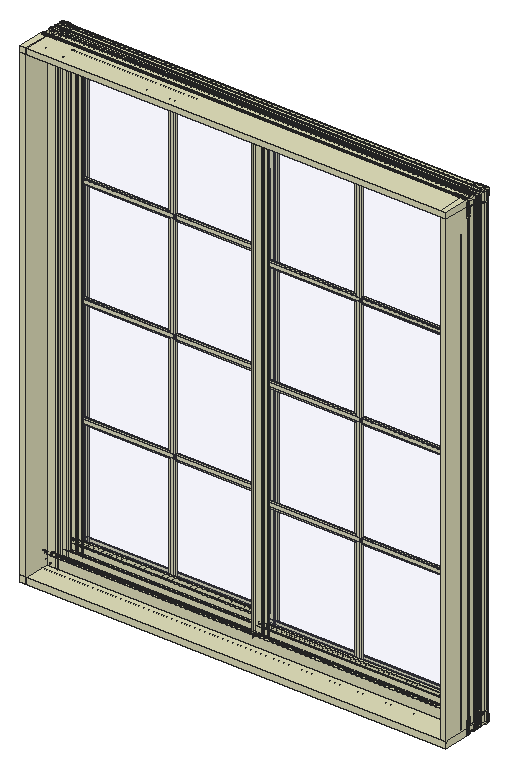
Revit family
Parameters
  Vertical Mullion 2 [instance] = and(Traditional Grille, not(Width > 5' 11 1/2"), and(Width > 5' 11 1/4"))  # no
  Vertical Mullion 1 [instance] = and(Traditional Grille, not(Width > 5' 11 1/4"), and(Width > 1' 11 1/4"))  # yes
  Unit Width = 3' - 11 1/2"
  Unit Height = 4' - 5 1/2"
  URL = "www.pella.com"
  Traditional Grille [instance] = yes
  Size Constraints = "Window Sizing constraints available in 1/4 inch (6.35 mm) increments"  # constant formula
  Set Back = 0' - 1 5/16"
  Series = "Impervia Series"  # constant formula
  Sections = ""
  Sash Width = Width - 0' 2 1/2"  # 3' - 9"
  Rough Width = Width + 0' 0 1/2"  # 4' - 0"
  Rough Height = Height + 0' 0 1/2"  # 4' - 6"
  Revisions Date = "07/29/2009"  # constant formula
  Prairie Grille [instance] = no
  OmniClass 23 = "23-30 00 00,23-30 20 00,23-30 20 14 17,23-30 20 17,23-30 20 17 14,23-30 20 17 14 14"  # constant formula
  MasterFormat 2004 = "08 00 00,08 50 00,08 52 00,08 53 13"  # constant formula
  Manufacturer = "Pella Windows & Doors"  # constant formula
  LEED = ""
  Interior Finish = Pella-Exterior Clad-Tan
  Horizontal Mullion 4 [instance] = and(Traditional Grille, not(Height > 5' 11 1/2"), and(Height > 5' 11 1/4"))  # no
  Horizontal Mullion 3 [instance] = and(Traditional Grille, not(Height > 5' 11 1/4"), and(Height > 3' 11 1/4"))  # yes
  Horizontal Mullion 2 [instance] = and(Traditional Grille, not(Height > 3' 11 1/4"), and(Height > 2' 11 1/4"))  # no
  Horizontal Mullion 1 [instance] = and(Traditional Grille, not(Height > 2' 11 1/4"), and(Height > 1' 5 1/4"))  # no
  Height = if(or(and(Unit Height < 5' 11 1/2", Unit Height > 1' 5 1/2"), or(Unit Height = 5' 11 1/2", Unit Height = 1' 5 1/2")), Unit Height, if(Unit Height < 1' 5 1/2", 1' 5 1/2", 5' 11 1/2"))  # 4' - 5 1/2"
  Head Height = Default Sill Height + Height  # 7' - 1"
  Grille Finish = Pella-Exterior Clad-Tan
  Glazing Type = Pella-Argon Filled, Low-E Insulating Glass
  Glazing = 0' - 0.71394"  # constant formula
  Exterior Finish = Pella-Exterior Clad-Tan
  Description = "Sliding Window - Vent/Fixed Unit"  # constant formula
  Default Sill Height = 2' - 7 1/2"
  Wall Closure = (empty or 0)
  Width = if(or(and(Unit Width < 5' 11 1/2", Unit Width > 1' 11 1/2"), or(Unit Width = 5' 11 1/2", Unit Width = 1' 11 1/2")), Unit Width, if(Unit Width < 1' 11 1/2", 1' 11 1/2", 5' 11 1/2"))  # 3' - 11 1/2"
  Assembly Code = "B2020100"
  Architectural Design Manual = "www.pellaadm.com"
  Architectural Data Sheet = "To be determined"
Reference planes (in)
  plane 1: y = 0
  plane 2 "Center (Left/Right)": x = 0
  plane 3 "Left": x = -23.75
  plane 4 "Right": x = 23.75
  plane 5 "Sill": z = 31.5
  plane 6 "Head": z = 85
  plane 7 "Exterior": y = 2.95276
  plane 8 "Interior": y = -2.95276
  plane 9 "Exterior Facade": y = 4.26526
  plane 10 "Set Back": y = 2.95276
  plane 11 "Left Sash": x = -22.5
  plane 12 "Right Sash": x = 22.5
  plane 13 "Interior Left": x = -21.0132
  plane 14 "Interior Right": x = 21.0132
  plane 15 "Head (Interior)": z = 83.75
  plane 16 "Sill (Interior)": z = 32.75
  plane 17 "Head-Interior": z = 82.2632
  plane 18 "Sill-Interior": z = 34.2368
  plane 19: z = 58.25
  plane 20 "Glazing Exterior - Exterior": y = 2.7192
  plane 21 "Glazing Exterior - Interior": y = 2.60109
  plane 22 "Glazing Interior - Exterior": y = 2.00526
  plane 23 "Glazing Interior - Interior": y = 2.12337
  plane 24 "2nd Glazing Head": z = 81.96131
  plane 25 "2nd Glazing Sill": z = 34.53869
  plane 26: x = 20.71131
  plane 27: x = -20.71131
  plane 28: x = 22.28129
  plane 29: x = 22.33637
  plane 30: x = 22.36729
  plane 31: x = 21.63029
  plane 32: x = 21.35029
  plane 33: x = 21.28029
  plane 34: x = 20.71766
  plane 35: x = 23.125
  plane 36: y = -0.04722
  plane 37: x = -23.125
  plane 38: y = -0.04722
  plane 39: z = 32.125
  plane 40: y = -0.04722
  plane 41: y = -0.04722
  plane 42: z = 84.375
  plane 43: z = 82.53029
  plane 44: z = 33.96971
  plane 45: x = -21.28029
  plane 46: x = 21.28029
  plane 47: x = -0.62953
  plane 48: x = 0.62953
  plane 49: x = -0.89661
  plane 50: x = 0.89661
  plane 51: x = -10.95491
  plane 52: x = 10.95491
  plane 53: y = 0.56855
  plane 54 "Glazing Interior - Exterior2": y = 0.68666
  plane 55: y = 1.16437
  plane 56 "Glazing Exterior - Exterior2": y = 1.28248
  plane 57: x = -0.42645
  plane 58: x = 0.42644
  plane 59: x = -14.3967
  plane 60: x = -7.51312
  plane 61: x = 7.51312
  plane 62: x = 14.3967
  plane 63: x = 14.7717
  plane 64: x = 14.0217
  plane 65: x = 7.88812
  plane 66: x = 7.13812
  plane 67: x = -14.7717
  plane 68: x = -14.0217
  plane 69: x = -7.88812
  plane 70: x = -7.13812
  plane 71: z = 50.2456
  plane 72: z = 66.2544
  plane 73: z = 50.6206
  plane 74: z = 49.8706
  plane 75: z = 65.8794
  plane 76: z = 66.6294
  plane 77: z = 66.6294
  plane 78: z = 65.8794
  plane 79: z = 50.6206
  plane 80: z = 49.8706
  plane 81: z = 46.2434
  plane 82: z = 58.25
  plane 83: z = 70.2566
  plane 84: z = 46.6184
  plane 85: z = 45.8684
  plane 86: z = 57.875
  plane 87: z = 58.625
  plane 88: z = 69.8816
  plane 89: z = 70.6316
  plane 90: z = 46.6184
  plane 91: z = 45.8684
  plane 92: z = 58.625
  plane 93: z = 57.875
  plane 94: z = 70.6316
  plane 95: z = 69.8816
  plane 96: z = 43.84208
  plane 97: z = 53.44736
  plane 98: z = 63.05264
  plane 99: z = 72.65792
  plane 100: z = 44.21708
  plane 101: z = 43.46708
  plane 102: z = 53.82236
  plane 103: z = 53.07236
  plane 104: z = 63.42764
  plane 105: z = 62.67764
  plane 106: z = 73.03292
  plane 107: z = 72.28292
  plane 108: z = 44.21708
  plane 109: z = 43.46708
  plane 110: z = 53.82236
  plane 111: z = 53.07236
  plane 112: z = 63.42764
  plane 113: z = 62.67764
  plane 114: z = 73.03292
  plane 115: z = 72.28292
  plane 116: x = 17.8636
  plane 117: x = 18.2386
  plane 118: x = 17.4886
  plane 119: x = -17.8636
  plane 120: x = -18.2386
  plane 121: x = -17.4886
  plane 122: z = 37.88802
  plane 123: z = 37.13802
  plane 124: z = 37.51302
  plane 125: z = 78.61198
  plane 126: z = 79.36198
  plane 127: z = 78.98698
  plane 128: z = 37.88802
  plane 129: z = 37.13802
  plane 130: z = 37.51302
  plane 131: z = 78.61198
  plane 132: z = 79.36198
  plane 133: z = 78.98698
  plane 134: x = 21.20155
  plane 135: z = 82.45155
  plane 136: x = 0.70827
  plane 137: z = 34.04845
  plane 138: x = 21.20155
  plane 139: z = 82.45155
  plane 140: x = 0.70827
  plane 141: z = 34.04845
  plane 142: x = -0.70827
  plane 143: z = 82.45155
  plane 144: x = -20.93446
  plane 145: z = 34.04845
  plane 146: x = -0.70827
  plane 147: z = 82.45155
  plane 148: x = -20.93446
  plane 149: z = 34.04845
Forms (in)
  Sweep 1, solid, material "Pella-Exterior Clad-Tan" <- "Exterior Finish"
    path origin (0, 2.95276, 0) x (1, 0, 0) y (0, 0, 1)
      loop
        line (-23.75, 31.5) -> (-23.75, 85)
    profile origin (-23.75, 2.95276, 58.25) x (-1, 0, 0) y (0, -1, 0)
      loop
        line (-0.22, 1.91998) -> (-0.22, 2.54998)
        arc (-0.22, 2.54998) -> (-0.18339, 2.63837) -> (-0.095, 2.67498) r 0.125
        arc (-0.095, 2.67498) -> (-0.06318, 2.68816) -> (-0.05, 2.71998) r 0.045
        line (-0.05, 2.71998) -> (-0.05, 2.90498)
        arc (-0.05, 2.90498) -> (-0.06318, 2.9368) -> (-0.095, 2.94998) r 0.045
        line (-0.095, 2.94998) -> (-1.688, 2.94998)
        arc (-1.688, 2.94998) -> (-1.71982, 2.9368) -> (-1.733, 2.90498) r 0.045
        line (-1.733, 2.90498) -> (-1.733, 2.82998)
        arc (-1.733, 2.82998) -> (-1.71982, 2.79816) -> (-1.688, 2.78498) r 0.045
        line (-1.688, 2.78498) -> (-1.52789, 2.78498)
        arc (-1.52789, 2.78498) -> (-1.47948, 2.76554) -> (-1.45796, 2.71802) r 0.07
        arc (-1.45796, 2.71802) -> (-1.44412, 2.68748) -> (-1.413, 2.67498) r 0.045
        line (-1.413, 2.67498) -> (-0.938, 2.67498)
        arc (-0.938, 2.67498) -> (-0.89016, 2.66547) -> (-0.84961, 2.63837) r 0.125
        arc (-0.84961, 2.63837) -> (-0.82252, 2.59782) -> (-0.813, 2.54998) r 0.125
        line (-0.813, 2.54998) -> (-0.813, 1.91998)
        arc (-0.813, 1.91998) -> (-0.79982, 1.88816) -> (-0.768, 1.87498) r 0.045
        line (-0.768, 1.87498) -> (-0.265, 1.87498)
        arc (-0.265, 1.87498) -> (-0.23318, 1.88816) -> (-0.22, 1.91998) r 0.045
      loop
        arc (-0.84961, 1.50359) -> (-0.89016, 1.4765) -> (-0.938, 1.46698) r 0.125
        line (-0.938, 1.46698) -> (-1.688, 1.46698)
        arc (-1.688, 1.46698) -> (-1.71982, 1.4538) -> (-1.733, 1.42198) r 0.045
        line (-1.733, 1.42198) -> (-1.733, 1.23198)
        arc (-1.733, 1.23198) -> (-1.71982, 1.20016) -> (-1.688, 1.18698) r 0.045
        line (-1.688, 1.18698) -> (-1.305, 1.18698)
        arc (-1.305, 1.18698) -> (-1.20318, 1.1448) -> (-1.161, 1.04298) r 0.144
        line (-1.161, 1.04298) -> (-1.161, 0.70298)
        arc (-1.161, 0.70298) -> (-1.19758, 0.62488) -> (-1.281, 0.60298) r 0.10167
        arc (-1.281, 0.60298) -> (-1.29514, 0.59712) -> (-1.301, 0.58298) r 0.02
        line (-1.301, 0.58298) -> (-1.301, 0.24498)
        arc (-1.301, 0.24498) -> (-1.2805, 0.19548) -> (-1.231, 0.17498) r 0.07
        line (-1.231, 0.17498) -> (-0.94153, 0.17498)
        arc (-0.94153, 0.17498) -> (-0.87464, 0.14847) -> (-0.84408, 0.08333) r 0.09764
        arc (-0.84408, 0.08333) -> (-0.828, 0.05928) -> (-0.80061, 0.04998) r 0.045
        line (-0.80061, 0.04998) -> (-0.095, 0.04998)
        arc (-0.095, 0.04998) -> (-0.06318, 0.06316) -> (-0.05, 0.09498) r 0.045
        line (-0.05, 0.09498) -> (-0.05, 0.27998)
        arc (-0.05, 0.27998) -> (-0.06318, 0.3118) -> (-0.095, 0.32498) r 0.045
        arc (-0.095, 0.32498) -> (-0.18339, 0.36159) -> (-0.22, 0.44998) r 0.125
        line (-0.22, 0.44998) -> (-0.22, 1.75998)
        arc (-0.22, 1.75998) -> (-0.23318, 1.7918) -> (-0.265, 1.80498) r 0.045
        line (-0.265, 1.80498) -> (-0.768, 1.80498)
        arc (-0.768, 1.80498) -> (-0.79982, 1.7918) -> (-0.813, 1.75998) r 0.045
        line (-0.813, 1.75998) -> (-0.813, 1.59198)
        arc (-0.813, 1.59198) -> (-0.82252, 1.54414) -> (-0.84961, 1.50359) r 0.125
      loop
        arc (-1.008, 1.54377) -> (-1.018, 1.56109) -> (-1.038, 1.56109) r 0.02
        line (-1.038, 1.56109) -> (-1.09816, 1.52636)
        arc (-1.09816, 1.52636) -> (-1.11505, 1.51937) -> (-1.13316, 1.51698) r 0.07
        line (-1.13316, 1.51698) -> (-1.688, 1.51698)
        arc (-1.688, 1.51698) -> (-1.75518, 1.48916) -> (-1.783, 1.42198) r 0.095
        line (-1.783, 1.42198) -> (-1.783, 1.13596)
        arc (-1.783, 1.13596) -> (-1.75497, 1.10845) -> (-1.72798, 1.13698) r 0.02752
        line (-1.72798, 1.13698) -> (-1.305, 1.13698)
        arc (-1.305, 1.13698) -> (-1.23853, 1.10945) -> (-1.211, 1.04298) r 0.094
        line (-1.211, 1.04298) -> (-1.211, 0.70298)
        arc (-1.211, 0.70298) -> (-1.23313, 0.65997) -> (-1.281, 0.65298) r 0.05286
        arc (-1.281, 0.65298) -> (-1.3305, 0.63248) -> (-1.351, 0.58298) r 0.07
        line (-1.351, 0.58298) -> (-1.351, 0.24498)
        arc (-1.351, 0.24498) -> (-1.31585, 0.16013) -> (-1.231, 0.12498) r 0.12
        line (-1.231, 0.12498) -> (-0.96185, 0.12498)
        arc (-0.96185, 0.12498) -> (-0.90983, 0.10349) -> (-0.88741, 0.05186) r 0.07499
        arc (-0.88741, 0.05186) -> (-0.86241, 0.01445) -> (-0.81979, -0.00002) r 0.07
        line (-0.81979, -0.00002) -> (-0.095, -0.00002)
        arc (-0.095, -0.00002) -> (-0.02782, 0.02781) -> (0, 0.09498) r 0.095
        line (0, 0.09498) -> (0, 0.27998)
        arc (0, 0.27998) -> (-0.02782, 0.34716) -> (-0.095, 0.37498) r 0.095
        arc (-0.095, 0.37498) -> (-0.13389, 0.39109) -> (-0.15, 0.42998) r 0.055
        line (-0.15, 0.42998) -> (-0.15, 0.8212)
        arc (-0.15, 0.8212) -> (-0.14048, 0.86904) -> (-0.11339, 0.90959) r 0.125
        line (-0.11339, 0.90959) -> (-0.03318, 0.9898)
        arc (-0.03318, 0.9898) -> (-0.02343, 1.0044) -> (-0.02, 1.02162) r 0.045
        line (-0.02, 1.02162) -> (-0.02, 1.08198)
        arc (-0.02, 1.08198) -> (-0.02892, 1.10247) -> (-0.05, 1.10991) r 0.028
        arc (-0.05, 1.10991) -> (-0.07108, 1.10247) -> (-0.08, 1.08198) r 0.028
        line (-0.08, 1.08198) -> (-0.08, 1.03498) -> (-0.13, 1.03498)
        arc (-0.13, 1.03498) -> (-0.14414, 1.04084) -> (-0.15, 1.05498) r 0.02
        line (-0.15, 1.05498) -> (-0.15, 1.51498)
        arc (-0.15, 1.51498) -> (-0.14414, 1.52912) -> (-0.13, 1.53498) r 0.02
        line (-0.13, 1.53498) -> (-0.08, 1.53498) -> (-0.08, 1.48798)
        arc (-0.08, 1.48798) -> (-0.07108, 1.46749) -> (-0.05, 1.46005) r 0.028
        arc (-0.05, 1.46005) -> (-0.02892, 1.46749) -> (-0.02, 1.48798) r 0.028
        line (-0.02, 1.48798) -> (-0.02, 1.54834)
        arc (-0.02, 1.54834) -> (-0.02343, 1.56556) -> (-0.03318, 1.58016) r 0.045
        line (-0.03318, 1.58016) -> (-0.1235, 1.67048)
        arc (-0.1235, 1.67048) -> (-0.13862, 1.68879) -> (-0.15, 1.70962) r 0.125
        arc (-0.15, 1.70962) -> (-0.13818, 1.74002) -> (-0.10892, 1.75445) r 0.045
        line (-0.10892, 1.75445) -> (-0.04108, 1.76039)
        arc (-0.04108, 1.76039) -> (-0.01182, 1.77481) -> (0, 1.80522) r 0.045
        line (0, 1.80522) -> (0, 1.87275)
        arc (0, 1.87275) -> (-0.01182, 1.90315) -> (-0.04108, 1.91757) r 0.045
        line (-0.04108, 1.91757) -> (-0.10892, 1.92351)
        arc (-0.10892, 1.92351) -> (-0.13818, 1.93794) -> (-0.15, 1.96834) r 0.045
        line (-0.15, 1.96834) -> (-0.15, 2.56998)
        arc (-0.15, 2.56998) -> (-0.13389, 2.60887) -> (-0.095, 2.62498) r 0.055
        arc (-0.095, 2.62498) -> (-0.02782, 2.65281) -> (0, 2.71998) r 0.095
        line (0, 2.71998) -> (0, 2.90498)
        arc (0, 2.90498) -> (-0.02782, 2.97216) -> (-0.095, 2.99998) r 0.095
        line (-0.095, 2.99998) -> (-1.688, 2.99998)
        arc (-1.688, 2.99998) -> (-1.75518, 2.97216) -> (-1.783, 2.90498) r 0.095
        line (-1.783, 2.90498) -> (-1.783, 2.69498)
        arc (-1.783, 2.69498) -> (-1.75702, 2.63992) -> (-1.698, 2.62498) r 0.07132
        arc (-1.698, 2.62498) -> (-1.67592, 2.63467) -> (-1.6681, 2.65748) r 0.03
        arc (-1.6681, 2.65748) -> (-1.67592, 2.68029) -> (-1.698, 2.68998) r 0.03
        arc (-1.698, 2.68998) -> (-1.7205, 2.71248) -> (-1.698, 2.73498) r 0.0225
        line (-1.698, 2.73498) -> (-1.528, 2.73498)
        arc (-1.528, 2.73498) -> (-1.5055, 2.71248) -> (-1.528, 2.68998) r 0.0225
        arc (-1.528, 2.68998) -> (-1.55008, 2.68029) -> (-1.5579, 2.65748) r 0.03
        arc (-1.5579, 2.65748) -> (-1.55008, 2.63467) -> (-1.528, 2.62498) r 0.03
        line (-1.528, 2.62498) -> (-1.13316, 2.62498)
        arc (-1.13316, 2.62498) -> (-1.11505, 2.6226) -> (-1.09816, 2.6156) r 0.07
        line (-1.09816, 2.6156) -> (-1.038, 2.58087)
        arc (-1.038, 2.58087) -> (-1.018, 2.58087) -> (-1.008, 2.59819) r 0.02
        arc (-1.008, 2.59819) -> (-1.0045, 2.61644) -> (-0.988, 2.62498) r 0.02128
        line (-0.988, 2.62498) -> (-0.95454, 2.62498)
        arc (-0.95454, 2.62498) -> (-0.90349, 2.59864) -> (-0.883, 2.54498) r 0.0805
        line (-0.883, 2.54498) -> (-0.883, 1.59698)
        arc (-0.883, 1.59698) -> (-0.90349, 1.54332) -> (-0.95454, 1.51698) r 0.0805
        line (-0.95454, 1.51698) -> (-0.988, 1.51698)
        arc (-0.988, 1.51698) -> (-1.0045, 1.52552) -> (-1.008, 1.54377) r 0.02128
  Sweep 2, solid, material "Pella-Exterior Clad-Tan" <- "Exterior Finish"
    path origin (0, 2.95276, 0) x (1, 0, 0) y (0, 0, 1)
      loop
        line (23.75, 31.5) -> (23.75, 85)
    profile origin (23.75, 2.95276, 58.25) x (-1, 0, 0) y (0, -1, 0)
      loop
        arc (0.22, 1.91998) -> (0.23318, 1.88816) -> (0.265, 1.87498) r 0.045
        line (0.265, 1.87498) -> (0.768, 1.87498)
        arc (0.768, 1.87498) -> (0.79982, 1.88816) -> (0.813, 1.91998) r 0.045
        line (0.813, 1.91998) -> (0.813, 2.54998)
        arc (0.813, 2.54998) -> (0.82252, 2.59782) -> (0.84961, 2.63837) r 0.125
        arc (0.84961, 2.63837) -> (0.89016, 2.66547) -> (0.938, 2.67498) r 0.125
        line (0.938, 2.67498) -> (1.413, 2.67498)
        arc (1.413, 2.67498) -> (1.44412, 2.68748) -> (1.45796, 2.71802) r 0.045
        arc (1.45796, 2.71802) -> (1.47948, 2.76554) -> (1.52789, 2.78498) r 0.07
        line (1.52789, 2.78498) -> (1.688, 2.78498)
        arc (1.688, 2.78498) -> (1.71982, 2.79816) -> (1.733, 2.82998) r 0.045
        line (1.733, 2.82998) -> (1.733, 2.90498)
        arc (1.733, 2.90498) -> (1.71982, 2.9368) -> (1.688, 2.94998) r 0.045
        line (1.688, 2.94998) -> (0.095, 2.94998)
        arc (0.095, 2.94998) -> (0.06318, 2.9368) -> (0.05, 2.90498) r 0.045
        line (0.05, 2.90498) -> (0.05, 2.71998)
        arc (0.05, 2.71998) -> (0.06318, 2.68816) -> (0.095, 2.67498) r 0.045
        arc (0.095, 2.67498) -> (0.18339, 2.63837) -> (0.22, 2.54998) r 0.125
        line (0.22, 2.54998) -> (0.22, 1.91998)
      loop
        arc (0.84961, 1.50359) -> (0.82252, 1.54414) -> (0.813, 1.59198) r 0.125
        line (0.813, 1.59198) -> (0.813, 1.75998)
        arc (0.813, 1.75998) -> (0.79982, 1.7918) -> (0.768, 1.80498) r 0.045
        line (0.768, 1.80498) -> (0.265, 1.80498)
        arc (0.265, 1.80498) -> (0.23318, 1.7918) -> (0.22, 1.75998) r 0.045
        line (0.22, 1.75998) -> (0.22, 0.44998)
        arc (0.22, 0.44998) -> (0.18339, 0.36159) -> (0.095, 0.32498) r 0.125
        arc (0.095, 0.32498) -> (0.06318, 0.3118) -> (0.05, 0.27998) r 0.045
        line (0.05, 0.27998) -> (0.05, 0.09498)
        arc (0.05, 0.09498) -> (0.06318, 0.06316) -> (0.095, 0.04998) r 0.045
        line (0.095, 0.04998) -> (0.80061, 0.04998)
        arc (0.80061, 0.04998) -> (0.828, 0.05928) -> (0.84408, 0.08333) r 0.045
        arc (0.84408, 0.08333) -> (0.87464, 0.14847) -> (0.94153, 0.17498) r 0.09764
        line (0.94153, 0.17498) -> (1.231, 0.17498)
        arc (1.231, 0.17498) -> (1.2805, 0.19548) -> (1.301, 0.24498) r 0.07
        line (1.301, 0.24498) -> (1.301, 0.58298)
        arc (1.301, 0.58298) -> (1.29514, 0.59712) -> (1.281, 0.60298) r 0.02
        arc (1.281, 0.60298) -> (1.19758, 0.62488) -> (1.161, 0.70298) r 0.10167
        line (1.161, 0.70298) -> (1.161, 1.04298)
        arc (1.161, 1.04298) -> (1.20318, 1.1448) -> (1.305, 1.18698) r 0.144
        line (1.305, 1.18698) -> (1.688, 1.18698)
        arc (1.688, 1.18698) -> (1.71982, 1.20016) -> (1.733, 1.23198) r 0.045
        line (1.733, 1.23198) -> (1.733, 1.42198)
        arc (1.733, 1.42198) -> (1.71982, 1.4538) -> (1.688, 1.46698) r 0.045
        line (1.688, 1.46698) -> (0.938, 1.46698)
        arc (0.938, 1.46698) -> (0.89016, 1.4765) -> (0.84961, 1.50359) r 0.125
      loop
        arc (1.008, 1.54377) -> (1.0045, 1.52552) -> (0.988, 1.51698) r 0.02128
        line (0.988, 1.51698) -> (0.95454, 1.51698)
        arc (0.95454, 1.51698) -> (0.90349, 1.54332) -> (0.883, 1.59698) r 0.0805
        line (0.883, 1.59698) -> (0.883, 2.54498)
        arc (0.883, 2.54498) -> (0.90349, 2.59864) -> (0.95454, 2.62498) r 0.0805
        line (0.95454, 2.62498) -> (0.988, 2.62498)
        arc (0.988, 2.62498) -> (1.0045, 2.61644) -> (1.008, 2.59819) r 0.02128
        arc (1.008, 2.59819) -> (1.018, 2.58087) -> (1.038, 2.58087) r 0.02
        line (1.038, 2.58087) -> (1.09816, 2.6156)
        arc (1.09816, 2.6156) -> (1.11505, 2.6226) -> (1.13316, 2.62498) r 0.07
        line (1.13316, 2.62498) -> (1.528, 2.62498)
        arc (1.528, 2.62498) -> (1.55008, 2.63467) -> (1.5579, 2.65748) r 0.03
        arc (1.5579, 2.65748) -> (1.55008, 2.68029) -> (1.528, 2.68998) r 0.03
        arc (1.528, 2.68998) -> (1.5055, 2.71248) -> (1.528, 2.73498) r 0.0225
        line (1.528, 2.73498) -> (1.698, 2.73498)
        arc (1.698, 2.73498) -> (1.7205, 2.71248) -> (1.698, 2.68998) r 0.0225
        arc (1.698, 2.68998) -> (1.67592, 2.68029) -> (1.6681, 2.65748) r 0.03
        arc (1.6681, 2.65748) -> (1.67592, 2.63467) -> (1.698, 2.62498) r 0.03
        arc (1.698, 2.62498) -> (1.75702, 2.63992) -> (1.783, 2.69498) r 0.07132
        line (1.783, 2.69498) -> (1.783, 2.90498)
        arc (1.783, 2.90498) -> (1.75518, 2.97216) -> (1.688, 2.99998) r 0.095
        line (1.688, 2.99998) -> (0.095, 2.99998)
        arc (0.095, 2.99998) -> (0.02782, 2.97216) -> (0, 2.90498) r 0.095
        line (0, 2.90498) -> (0, 2.71998)
        arc (0, 2.71998) -> (0.02782, 2.65281) -> (0.095, 2.62498) r 0.095
        arc (0.095, 2.62498) -> (0.13389, 2.60887) -> (0.15, 2.56998) r 0.055
        line (0.15, 2.56998) -> (0.15, 1.96834)
        arc (0.15, 1.96834) -> (0.13818, 1.93794) -> (0.10892, 1.92351) r 0.045
        line (0.10892, 1.92351) -> (0.04108, 1.91757)
        arc (0.04108, 1.91757) -> (0.01182, 1.90315) -> (0, 1.87275) r 0.045
        line (0, 1.87275) -> (0, 1.80522)
        arc (0, 1.80522) -> (0.01182, 1.77481) -> (0.04108, 1.76039) r 0.045
        line (0.04108, 1.76039) -> (0.10892, 1.75445)
        arc (0.10892, 1.75445) -> (0.13818, 1.74002) -> (0.15, 1.70962) r 0.045
        arc (0.15, 1.70962) -> (0.13862, 1.68879) -> (0.1235, 1.67048) r 0.125
        line (0.1235, 1.67048) -> (0.03318, 1.58016)
        arc (0.03318, 1.58016) -> (0.02343, 1.56556) -> (0.02, 1.54834) r 0.045
        line (0.02, 1.54834) -> (0.02, 1.48798)
        arc (0.02, 1.48798) -> (0.02892, 1.46749) -> (0.05, 1.46005) r 0.028
        arc (0.05, 1.46005) -> (0.07108, 1.46749) -> (0.08, 1.48798) r 0.028
        line (0.08, 1.48798) -> (0.08, 1.53498) -> (0.13, 1.53498)
        arc (0.13, 1.53498) -> (0.14414, 1.52912) -> (0.15, 1.51498) r 0.02
        line (0.15, 1.51498) -> (0.15, 1.05498)
        arc (0.15, 1.05498) -> (0.14414, 1.04084) -> (0.13, 1.03498) r 0.02
        line (0.13, 1.03498) -> (0.08, 1.03498) -> (0.08, 1.08198)
        arc (0.08, 1.08198) -> (0.07108, 1.10247) -> (0.05, 1.10991) r 0.028
        arc (0.05, 1.10991) -> (0.02892, 1.10247) -> (0.02, 1.08198) r 0.028
        line (0.02, 1.08198) -> (0.02, 1.02162)
        arc (0.02, 1.02162) -> (0.02343, 1.0044) -> (0.03318, 0.9898) r 0.045
        line (0.03318, 0.9898) -> (0.11339, 0.90959)
        arc (0.11339, 0.90959) -> (0.14048, 0.86904) -> (0.15, 0.8212) r 0.125
        line (0.15, 0.8212) -> (0.15, 0.42998)
        arc (0.15, 0.42998) -> (0.13389, 0.39109) -> (0.095, 0.37498) r 0.055
        arc (0.095, 0.37498) -> (0.02782, 0.34716) -> (0, 0.27998) r 0.095
        line (0, 0.27998) -> (0, 0.09498)
        arc (0, 0.09498) -> (0.02782, 0.02781) -> (0.095, -0.00002) r 0.095
        line (0.095, -0.00002) -> (0.81979, -0.00002)
        arc (0.81979, -0.00002) -> (0.86241, 0.01445) -> (0.88741, 0.05186) r 0.07
        arc (0.88741, 0.05186) -> (0.90983, 0.10349) -> (0.96185, 0.12498) r 0.07499
        line (0.96185, 0.12498) -> (1.231, 0.12498)
        arc (1.231, 0.12498) -> (1.31585, 0.16013) -> (1.351, 0.24498) r 0.12
        line (1.351, 0.24498) -> (1.351, 0.58298)
        arc (1.351, 0.58298) -> (1.3305, 0.63248) -> (1.281, 0.65298) r 0.07
        arc (1.281, 0.65298) -> (1.23313, 0.65997) -> (1.211, 0.70298) r 0.05286
        line (1.211, 0.70298) -> (1.211, 1.04298)
        arc (1.211, 1.04298) -> (1.23853, 1.10945) -> (1.305, 1.13698) r 0.094
        line (1.305, 1.13698) -> (1.72798, 1.13698)
        arc (1.72798, 1.13698) -> (1.75497, 1.10845) -> (1.783, 1.13596) r 0.02752
        line (1.783, 1.13596) -> (1.783, 1.42198)
        arc (1.783, 1.42198) -> (1.75518, 1.48916) -> (1.688, 1.51698) r 0.095
        line (1.688, 1.51698) -> (1.13316, 1.51698)
        arc (1.13316, 1.51698) -> (1.11505, 1.51937) -> (1.09816, 1.52636) r 0.07
        line (1.09816, 1.52636) -> (1.038, 1.56109)
        arc (1.038, 1.56109) -> (1.018, 1.56109) -> (1.008, 1.54377) r 0.02
  Sweep 3, solid, material "Pella-Exterior Clad-Tan" <- "Exterior Finish"
    path origin (0, 2.95276, 0) x (1, 0, 0) y (0, 0, 1)
      loop
        line (23.75, 85) -> (-23.75, 85)
    profile origin (0, 2.95276, 85) x (0, 0, -1) y (0, -1, 0)
      loop
        arc (0.22, 1.91998) -> (0.23318, 1.88816) -> (0.265, 1.87498) r 0.045
        line (0.265, 1.87498) -> (0.768, 1.87498)
        arc (0.768, 1.87498) -> (0.79982, 1.88816) -> (0.813, 1.91998) r 0.045
        line (0.813, 1.91998) -> (0.813, 2.54998)
        arc (0.813, 2.54998) -> (0.82252, 2.59782) -> (0.84961, 2.63837) r 0.125
        arc (0.84961, 2.63837) -> (0.89016, 2.66547) -> (0.938, 2.67498) r 0.125
        line (0.938, 2.67498) -> (1.413, 2.67498)
        arc (1.413, 2.67498) -> (1.44412, 2.68748) -> (1.45796, 2.71802) r 0.045
        arc (1.45796, 2.71802) -> (1.47948, 2.76554) -> (1.52789, 2.78498) r 0.07
        line (1.52789, 2.78498) -> (1.688, 2.78498)
        arc (1.688, 2.78498) -> (1.71982, 2.79816) -> (1.733, 2.82998) r 0.045
        line (1.733, 2.82998) -> (1.733, 2.90498)
        arc (1.733, 2.90498) -> (1.71982, 2.9368) -> (1.688, 2.94998) r 0.045
        line (1.688, 2.94998) -> (0.095, 2.94998)
        arc (0.095, 2.94998) -> (0.06318, 2.9368) -> (0.05, 2.90498) r 0.045
        line (0.05, 2.90498) -> (0.05, 2.71998)
        arc (0.05, 2.71998) -> (0.06318, 2.68816) -> (0.095, 2.67498) r 0.045
        arc (0.095, 2.67498) -> (0.18339, 2.63837) -> (0.22, 2.54998) r 0.125
        line (0.22, 2.54998) -> (0.22, 1.91998)
      loop
        arc (0.84961, 1.50359) -> (0.82252, 1.54414) -> (0.813, 1.59198) r 0.125
        line (0.813, 1.59198) -> (0.813, 1.75998)
        arc (0.813, 1.75998) -> (0.79982, 1.7918) -> (0.768, 1.80498) r 0.045
        line (0.768, 1.80498) -> (0.265, 1.80498)
        arc (0.265, 1.80498) -> (0.23318, 1.7918) -> (0.22, 1.75998) r 0.045
        line (0.22, 1.75998) -> (0.22, 0.44998)
        arc (0.22, 0.44998) -> (0.18339, 0.36159) -> (0.095, 0.32498) r 0.125
        arc (0.095, 0.32498) -> (0.06318, 0.3118) -> (0.05, 0.27998) r 0.045
        line (0.05, 0.27998) -> (0.05, 0.09498)
        arc (0.05, 0.09498) -> (0.06318, 0.06316) -> (0.095, 0.04998) r 0.045
        line (0.095, 0.04998) -> (0.80061, 0.04998)
        arc (0.80061, 0.04998) -> (0.828, 0.05928) -> (0.84408, 0.08333) r 0.045
        arc (0.84408, 0.08333) -> (0.87464, 0.14847) -> (0.94153, 0.17498) r 0.09764
        line (0.94153, 0.17498) -> (1.231, 0.17498)
        arc (1.231, 0.17498) -> (1.2805, 0.19548) -> (1.301, 0.24498) r 0.07
        line (1.301, 0.24498) -> (1.301, 0.58298)
        arc (1.301, 0.58298) -> (1.29514, 0.59712) -> (1.281, 0.60298) r 0.02
        arc (1.281, 0.60298) -> (1.19758, 0.62488) -> (1.161, 0.70298) r 0.10167
        line (1.161, 0.70298) -> (1.161, 1.04298)
        arc (1.161, 1.04298) -> (1.20318, 1.1448) -> (1.305, 1.18698) r 0.144
        line (1.305, 1.18698) -> (1.688, 1.18698)
        arc (1.688, 1.18698) -> (1.71982, 1.20016) -> (1.733, 1.23198) r 0.045
        line (1.733, 1.23198) -> (1.733, 1.42198)
        arc (1.733, 1.42198) -> (1.71982, 1.4538) -> (1.688, 1.46698) r 0.045
        line (1.688, 1.46698) -> (0.938, 1.46698)
        arc (0.938, 1.46698) -> (0.89016, 1.4765) -> (0.84961, 1.50359) r 0.125
      loop
        arc (1.008, 1.54377) -> (1.0045, 1.52552) -> (0.988, 1.51698) r 0.02128
        line (0.988, 1.51698) -> (0.95454, 1.51698)
        arc (0.95454, 1.51698) -> (0.90349, 1.54332) -> (0.883, 1.59698) r 0.0805
        line (0.883, 1.59698) -> (0.883, 2.54498)
        arc (0.883, 2.54498) -> (0.90349, 2.59864) -> (0.95454, 2.62498) r 0.0805
        line (0.95454, 2.62498) -> (0.988, 2.62498)
        arc (0.988, 2.62498) -> (1.0045, 2.61644) -> (1.008, 2.59819) r 0.02128
        arc (1.008, 2.59819) -> (1.018, 2.58087) -> (1.038, 2.58087) r 0.02
        line (1.038, 2.58087) -> (1.09816, 2.6156)
        arc (1.09816, 2.6156) -> (1.11505, 2.6226) -> (1.13316, 2.62498) r 0.07
        line (1.13316, 2.62498) -> (1.528, 2.62498)
        arc (1.528, 2.62498) -> (1.55008, 2.63467) -> (1.5579, 2.65748) r 0.03
        arc (1.5579, 2.65748) -> (1.55008, 2.68029) -> (1.528, 2.68998) r 0.03
        arc (1.528, 2.68998) -> (1.5055, 2.71248) -> (1.528, 2.73498) r 0.0225
        line (1.528, 2.73498) -> (1.698, 2.73498)
        arc (1.698, 2.73498) -> (1.7205, 2.71248) -> (1.698, 2.68998) r 0.0225
        arc (1.698, 2.68998) -> (1.67592, 2.68029) -> (1.6681, 2.65748) r 0.03
        arc (1.6681, 2.65748) -> (1.67592, 2.63467) -> (1.698, 2.62498) r 0.03
        arc (1.698, 2.62498) -> (1.75702, 2.63992) -> (1.783, 2.69498) r 0.07132
        line (1.783, 2.69498) -> (1.783, 2.90498)
        arc (1.783, 2.90498) -> (1.75518, 2.97216) -> (1.688, 2.99998) r 0.095
        line (1.688, 2.99998) -> (0.095, 2.99998)
        arc (0.095, 2.99998) -> (0.02782, 2.97216) -> (0, 2.90498) r 0.095
        line (0, 2.90498) -> (0, 2.71998)
        arc (0, 2.71998) -> (0.02782, 2.65281) -> (0.095, 2.62498) r 0.095
        arc (0.095, 2.62498) -> (0.13389, 2.60887) -> (0.15, 2.56998) r 0.055
        line (0.15, 2.56998) -> (0.15, 1.96834)
        arc (0.15, 1.96834) -> (0.13818, 1.93794) -> (0.10892, 1.92351) r 0.045
        line (0.10892, 1.92351) -> (0.04108, 1.91757)
        arc (0.04108, 1.91757) -> (0.01182, 1.90315) -> (0, 1.87275) r 0.045
        line (0, 1.87275) -> (0, 1.80522)
        arc (0, 1.80522) -> (0.01182, 1.77481) -> (0.04108, 1.76039) r 0.045
        line (0.04108, 1.76039) -> (0.10892, 1.75445)
        arc (0.10892, 1.75445) -> (0.13818, 1.74002) -> (0.15, 1.70962) r 0.045
        arc (0.15, 1.70962) -> (0.13862, 1.68879) -> (0.1235, 1.67048) r 0.125
        line (0.1235, 1.67048) -> (0.03318, 1.58016)
        arc (0.03318, 1.58016) -> (0.02343, 1.56556) -> (0.02, 1.54834) r 0.045
        line (0.02, 1.54834) -> (0.02, 1.48798)
        arc (0.02, 1.48798) -> (0.02892, 1.46749) -> (0.05, 1.46005) r 0.028
        arc (0.05, 1.46005) -> (0.07108, 1.46749) -> (0.08, 1.48798) r 0.028
        line (0.08, 1.48798) -> (0.08, 1.53498) -> (0.13, 1.53498)
        arc (0.13, 1.53498) -> (0.14414, 1.52912) -> (0.15, 1.51498) r 0.02
        line (0.15, 1.51498) -> (0.15, 1.05498)
        arc (0.15, 1.05498) -> (0.14414, 1.04084) -> (0.13, 1.03498) r 0.02
        line (0.13, 1.03498) -> (0.08, 1.03498) -> (0.08, 1.08198)
        arc (0.08, 1.08198) -> (0.07108, 1.10247) -> (0.05, 1.10991) r 0.028
        arc (0.05, 1.10991) -> (0.02892, 1.10247) -> (0.02, 1.08198) r 0.028
        line (0.02, 1.08198) -> (0.02, 1.02162)
        arc (0.02, 1.02162) -> (0.02343, 1.0044) -> (0.03318, 0.9898) r 0.045
        line (0.03318, 0.9898) -> (0.11339, 0.90959)
        arc (0.11339, 0.90959) -> (0.14048, 0.86904) -> (0.15, 0.8212) r 0.125
        line (0.15, 0.8212) -> (0.15, 0.42998)
        arc (0.15, 0.42998) -> (0.13389, 0.39109) -> (0.095, 0.37498) r 0.055
        arc (0.095, 0.37498) -> (0.02782, 0.34716) -> (0, 0.27998) r 0.095
        line (0, 0.27998) -> (0, 0.09498)
        arc (0, 0.09498) -> (0.02782, 0.02781) -> (0.095, -0.00002) r 0.095
        line (0.095, -0.00002) -> (0.81979, -0.00002)
        arc (0.81979, -0.00002) -> (0.86241, 0.01445) -> (0.88741, 0.05186) r 0.07
        arc (0.88741, 0.05186) -> (0.90983, 0.10349) -> (0.96185, 0.12498) r 0.07499
        line (0.96185, 0.12498) -> (1.231, 0.12498)
        arc (1.231, 0.12498) -> (1.31585, 0.16013) -> (1.351, 0.24498) r 0.12
        line (1.351, 0.24498) -> (1.351, 0.58298)
        arc (1.351, 0.58298) -> (1.3305, 0.63248) -> (1.281, 0.65298) r 0.07
        arc (1.281, 0.65298) -> (1.23313, 0.65997) -> (1.211, 0.70298) r 0.05286
        line (1.211, 0.70298) -> (1.211, 1.04298)
        arc (1.211, 1.04298) -> (1.23853, 1.10945) -> (1.305, 1.13698) r 0.094
        line (1.305, 1.13698) -> (1.72798, 1.13698)
        arc (1.72798, 1.13698) -> (1.75497, 1.10845) -> (1.783, 1.13596) r 0.02752
        line (1.783, 1.13596) -> (1.783, 1.42198)
        arc (1.783, 1.42198) -> (1.75518, 1.48916) -> (1.688, 1.51698) r 0.095
        line (1.688, 1.51698) -> (1.13316, 1.51698)
        arc (1.13316, 1.51698) -> (1.11505, 1.51937) -> (1.09816, 1.52636) r 0.07
        line (1.09816, 1.52636) -> (1.038, 1.56109)
        arc (1.038, 1.56109) -> (1.018, 1.56109) -> (1.008, 1.54377) r 0.02
  Sweep 4, solid, material "Pella-Exterior Clad-Tan" <- "Exterior Finish"
    path origin (0, 2.95276, 0) x (1, 0, 0) y (0, 0, 1)
      loop
        line (23.75, 31.5) -> (-23.75, 31.5)
    profile origin (0, 2.95276, 31.5) x (0, 0, -1) y (0, -1, 0)
      loop
        line (-0.22, 1.91998) -> (-0.22, 2.54998)
        arc (-0.22, 2.54998) -> (-0.18339, 2.63837) -> (-0.095, 2.67498) r 0.125
        arc (-0.095, 2.67498) -> (-0.06318, 2.68816) -> (-0.05, 2.71998) r 0.045
        line (-0.05, 2.71998) -> (-0.05, 2.90498)
        arc (-0.05, 2.90498) -> (-0.06318, 2.9368) -> (-0.095, 2.94998) r 0.045
        line (-0.095, 2.94998) -> (-1.688, 2.94998)
        arc (-1.688, 2.94998) -> (-1.71982, 2.9368) -> (-1.733, 2.90498) r 0.045
        line (-1.733, 2.90498) -> (-1.733, 2.82998)
        arc (-1.733, 2.82998) -> (-1.71982, 2.79816) -> (-1.688, 2.78498) r 0.045
        line (-1.688, 2.78498) -> (-1.52789, 2.78498)
        arc (-1.52789, 2.78498) -> (-1.47948, 2.76554) -> (-1.45796, 2.71802) r 0.07
        arc (-1.45796, 2.71802) -> (-1.44412, 2.68748) -> (-1.413, 2.67498) r 0.045
        line (-1.413, 2.67498) -> (-0.938, 2.67498)
        arc (-0.938, 2.67498) -> (-0.89016, 2.66547) -> (-0.84961, 2.63837) r 0.125
        arc (-0.84961, 2.63837) -> (-0.82252, 2.59782) -> (-0.813, 2.54998) r 0.125
        line (-0.813, 2.54998) -> (-0.813, 1.91998)
        arc (-0.813, 1.91998) -> (-0.79982, 1.88816) -> (-0.768, 1.87498) r 0.045
        line (-0.768, 1.87498) -> (-0.265, 1.87498)
        arc (-0.265, 1.87498) -> (-0.23318, 1.88816) -> (-0.22, 1.91998) r 0.045
      loop
        arc (-0.84961, 1.50359) -> (-0.89016, 1.4765) -> (-0.938, 1.46698) r 0.125
        line (-0.938, 1.46698) -> (-1.688, 1.46698)
        arc (-1.688, 1.46698) -> (-1.71982, 1.4538) -> (-1.733, 1.42198) r 0.045
        line (-1.733, 1.42198) -> (-1.733, 1.23198)
        arc (-1.733, 1.23198) -> (-1.71982, 1.20016) -> (-1.688, 1.18698) r 0.045
        line (-1.688, 1.18698) -> (-1.305, 1.18698)
        arc (-1.305, 1.18698) -> (-1.20318, 1.1448) -> (-1.161, 1.04298) r 0.144
        line (-1.161, 1.04298) -> (-1.161, 0.70298)
        arc (-1.161, 0.70298) -> (-1.19758, 0.62488) -> (-1.281, 0.60298) r 0.10167
        arc (-1.281, 0.60298) -> (-1.29514, 0.59712) -> (-1.301, 0.58298) r 0.02
        line (-1.301, 0.58298) -> (-1.301, 0.24498)
        arc (-1.301, 0.24498) -> (-1.2805, 0.19548) -> (-1.231, 0.17498) r 0.07
        line (-1.231, 0.17498) -> (-0.94153, 0.17498)
        arc (-0.94153, 0.17498) -> (-0.87464, 0.14847) -> (-0.84408, 0.08333) r 0.09764
        arc (-0.84408, 0.08333) -> (-0.828, 0.05928) -> (-0.80061, 0.04998) r 0.045
        line (-0.80061, 0.04998) -> (-0.095, 0.04998)
        arc (-0.095, 0.04998) -> (-0.06318, 0.06316) -> (-0.05, 0.09498) r 0.045
        line (-0.05, 0.09498) -> (-0.05, 0.27998)
        arc (-0.05, 0.27998) -> (-0.06318, 0.3118) -> (-0.095, 0.32498) r 0.045
        arc (-0.095, 0.32498) -> (-0.18339, 0.36159) -> (-0.22, 0.44998) r 0.125
        line (-0.22, 0.44998) -> (-0.22, 1.75998)
        arc (-0.22, 1.75998) -> (-0.23318, 1.7918) -> (-0.265, 1.80498) r 0.045
        line (-0.265, 1.80498) -> (-0.768, 1.80498)
        arc (-0.768, 1.80498) -> (-0.79982, 1.7918) -> (-0.813, 1.75998) r 0.045
        line (-0.813, 1.75998) -> (-0.813, 1.59198)
        arc (-0.813, 1.59198) -> (-0.82252, 1.54414) -> (-0.84961, 1.50359) r 0.125
      loop
        arc (-1.008, 1.54377) -> (-1.018, 1.56109) -> (-1.038, 1.56109) r 0.02
        line (-1.038, 1.56109) -> (-1.09816, 1.52636)
        arc (-1.09816, 1.52636) -> (-1.11505, 1.51937) -> (-1.13316, 1.51698) r 0.07
        line (-1.13316, 1.51698) -> (-1.688, 1.51698)
        arc (-1.688, 1.51698) -> (-1.75518, 1.48916) -> (-1.783, 1.42198) r 0.095
        line (-1.783, 1.42198) -> (-1.783, 1.13596)
        arc (-1.783, 1.13596) -> (-1.75497, 1.10845) -> (-1.72798, 1.13698) r 0.02752
        line (-1.72798, 1.13698) -> (-1.305, 1.13698)
        arc (-1.305, 1.13698) -> (-1.23853, 1.10945) -> (-1.211, 1.04298) r 0.094
        line (-1.211, 1.04298) -> (-1.211, 0.70298)
        arc (-1.211, 0.70298) -> (-1.23313, 0.65997) -> (-1.281, 0.65298) r 0.05286
        arc (-1.281, 0.65298) -> (-1.3305, 0.63248) -> (-1.351, 0.58298) r 0.07
        line (-1.351, 0.58298) -> (-1.351, 0.24498)
        arc (-1.351, 0.24498) -> (-1.31585, 0.16013) -> (-1.231, 0.12498) r 0.12
        line (-1.231, 0.12498) -> (-0.96185, 0.12498)
        arc (-0.96185, 0.12498) -> (-0.90983, 0.10349) -> (-0.88741, 0.05186) r 0.07499
        arc (-0.88741, 0.05186) -> (-0.86241, 0.01445) -> (-0.81979, -0.00002) r 0.07
        line (-0.81979, -0.00002) -> (-0.095, -0.00002)
        arc (-0.095, -0.00002) -> (-0.02782, 0.02781) -> (0, 0.09498) r 0.095
        line (0, 0.09498) -> (0, 0.27998)
        arc (0, 0.27998) -> (-0.02782, 0.34716) -> (-0.095, 0.37498) r 0.095
        arc (-0.095, 0.37498) -> (-0.13389, 0.39109) -> (-0.15, 0.42998) r 0.055
        line (-0.15, 0.42998) -> (-0.15, 0.8212)
        arc (-0.15, 0.8212) -> (-0.14048, 0.86904) -> (-0.11339, 0.90959) r 0.125
        line (-0.11339, 0.90959) -> (-0.03318, 0.9898)
        arc (-0.03318, 0.9898) -> (-0.02343, 1.0044) -> (-0.02, 1.02162) r 0.045
        line (-0.02, 1.02162) -> (-0.02, 1.08198)
        arc (-0.02, 1.08198) -> (-0.02892, 1.10247) -> (-0.05, 1.10991) r 0.028
        arc (-0.05, 1.10991) -> (-0.07108, 1.10247) -> (-0.08, 1.08198) r 0.028
        line (-0.08, 1.08198) -> (-0.08, 1.03498) -> (-0.13, 1.03498)
        arc (-0.13, 1.03498) -> (-0.14414, 1.04084) -> (-0.15, 1.05498) r 0.02
        line (-0.15, 1.05498) -> (-0.15, 1.51498)
        arc (-0.15, 1.51498) -> (-0.14414, 1.52912) -> (-0.13, 1.53498) r 0.02
        line (-0.13, 1.53498) -> (-0.08, 1.53498) -> (-0.08, 1.48798)
        arc (-0.08, 1.48798) -> (-0.07108, 1.46749) -> (-0.05, 1.46005) r 0.028
        arc (-0.05, 1.46005) -> (-0.02892, 1.46749) -> (-0.02, 1.48798) r 0.028
        line (-0.02, 1.48798) -> (-0.02, 1.54834)
        arc (-0.02, 1.54834) -> (-0.02343, 1.56556) -> (-0.03318, 1.58016) r 0.045
        line (-0.03318, 1.58016) -> (-0.1235, 1.67048)
        arc (-0.1235, 1.67048) -> (-0.13862, 1.68879) -> (-0.15, 1.70962) r 0.125
        arc (-0.15, 1.70962) -> (-0.13818, 1.74002) -> (-0.10892, 1.75445) r 0.045
        line (-0.10892, 1.75445) -> (-0.04108, 1.76039)
        arc (-0.04108, 1.76039) -> (-0.01182, 1.77481) -> (0, 1.80522) r 0.045
        line (0, 1.80522) -> (0, 1.87275)
        arc (0, 1.87275) -> (-0.01182, 1.90315) -> (-0.04108, 1.91757) r 0.045
        line (-0.04108, 1.91757) -> (-0.10892, 1.92351)
        arc (-0.10892, 1.92351) -> (-0.13818, 1.93794) -> (-0.15, 1.96834) r 0.045
        line (-0.15, 1.96834) -> (-0.15, 2.56998)
        arc (-0.15, 2.56998) -> (-0.13389, 2.60887) -> (-0.095, 2.62498) r 0.055
        arc (-0.095, 2.62498) -> (-0.02782, 2.65281) -> (0, 2.71998) r 0.095
        line (0, 2.71998) -> (0, 2.90498)
        arc (0, 2.90498) -> (-0.02782, 2.97216) -> (-0.095, 2.99998) r 0.095
        line (-0.095, 2.99998) -> (-1.688, 2.99998)
        arc (-1.688, 2.99998) -> (-1.75518, 2.97216) -> (-1.783, 2.90498) r 0.095
        line (-1.783, 2.90498) -> (-1.783, 2.69498)
        arc (-1.783, 2.69498) -> (-1.75702, 2.63992) -> (-1.698, 2.62498) r 0.07132
        arc (-1.698, 2.62498) -> (-1.67592, 2.63467) -> (-1.6681, 2.65748) r 0.03
        arc (-1.6681, 2.65748) -> (-1.67592, 2.68029) -> (-1.698, 2.68998) r 0.03
        arc (-1.698, 2.68998) -> (-1.7205, 2.71248) -> (-1.698, 2.73498) r 0.0225
        line (-1.698, 2.73498) -> (-1.528, 2.73498)
        arc (-1.528, 2.73498) -> (-1.5055, 2.71248) -> (-1.528, 2.68998) r 0.0225
        arc (-1.528, 2.68998) -> (-1.55008, 2.68029) -> (-1.5579, 2.65748) r 0.03
        arc (-1.5579, 2.65748) -> (-1.55008, 2.63467) -> (-1.528, 2.62498) r 0.03
        line (-1.528, 2.62498) -> (-1.13316, 2.62498)
        arc (-1.13316, 2.62498) -> (-1.11505, 2.6226) -> (-1.09816, 2.6156) r 0.07
        line (-1.09816, 2.6156) -> (-1.038, 2.58087)
        arc (-1.038, 2.58087) -> (-1.018, 2.58087) -> (-1.008, 2.59819) r 0.02
        arc (-1.008, 2.59819) -> (-1.0045, 2.61644) -> (-0.988, 2.62498) r 0.02128
        line (-0.988, 2.62498) -> (-0.95454, 2.62498)
        arc (-0.95454, 2.62498) -> (-0.90349, 2.59864) -> (-0.883, 2.54498) r 0.0805
        line (-0.883, 2.54498) -> (-0.883, 1.59698)
        arc (-0.883, 1.59698) -> (-0.90349, 1.54332) -> (-0.95454, 1.51698) r 0.0805
        line (-0.95454, 1.51698) -> (-0.988, 1.51698)
        arc (-0.988, 1.51698) -> (-1.0045, 1.52552) -> (-1.008, 1.54377) r 0.02128
  Sweep 5, solid, material "Pella-Exterior Clad-Tan" <- "Exterior Finish"
    path origin (0, 2.95276, 0) x (1, 0, 0) y (0, 0, 1)
      loop
        line (0.42644, 32.75) -> (-22.5, 32.75)
    profile origin (-11.03678, 2.95276, 32.75) x (0, 0, -1) y (0, -1, 0)
      loop
        arc (-1.24171, 1.07602) -> (-1.26649, 1.06364) -> (-1.29385, 1.05938) r 0.09
        line (-1.29385, 1.05938) -> (-1.70271, 1.05938)
        arc (-1.70271, 1.05938) -> (-1.75928, 1.03595) -> (-1.78271, 0.97938) r 0.08
        arc (-1.78271, 0.97938) -> (-1.77833, 0.96142) -> (-1.76617, 0.94749) r 0.03901
        line (-1.76617, 0.94749) -> (-1.73271, 0.94749)
        arc (-1.73271, 0.94749) -> (-1.71857, 0.95335) -> (-1.71271, 0.96749) r 0.02
        arc (-1.71271, 0.96749) -> (-1.7063, 0.98297) -> (-1.69082, 0.98938) r 0.02189
        line (-1.69082, 0.98938) -> (-1.26471, 0.98938)
        arc (-1.26471, 0.98938) -> (-1.23289, 0.9762) -> (-1.21971, 0.94438) r 0.045
        line (-1.21971, 0.94438) -> (-1.21971, 0.42852)
        arc (-1.21971, 0.42852) -> (-1.20132, 0.38123) -> (-1.15581, 0.35879) r 0.07
        line (-1.15581, 0.35879) -> (-0.9588, 0.34155)
        arc (-0.9588, 0.34155) -> (-0.92457, 0.29847) -> (-0.9588, 0.25539) r 0.04423
        line (-0.9588, 0.25539) -> (-1.11174, 0.23259)
        arc (-1.11174, 0.23259) -> (-1.14694, 0.2356) -> (-1.16551, 0.20554) r 0.03372
        arc (-1.16551, 0.20554) -> (-1.15221, 0.17345) -> (-1.12012, 0.16015) r 0.04539
        line (-1.12012, 0.16015) -> (-0.26375, 0.16015)
        arc (-0.26375, 0.16015) -> (-0.19295, 0.18948) -> (-0.16363, 0.26028) r 0.10012
        line (-0.16363, 0.26028) -> (-0.16363, 0.99538) -> (-0.13271, 1.0263) -> (-0.13271, 1.08838)
        arc (-0.13271, 1.08838) -> (-0.13857, 1.10252) -> (-0.15271, 1.10838) r 0.02
        line (-0.15271, 1.10838) -> (-1.14033, 1.10838)
        arc (-1.14033, 1.10838) -> (-1.19354, 1.10009) -> (-1.24171, 1.07602) r 0.175
      loop
        arc (-0.8973, 0.36369) -> (-0.87685, 0.33081) -> (-0.86971, 0.29275) r 0.105
        line (-0.86971, 0.29275) -> (-0.86971, 0.26038)
        arc (-0.86971, 0.26038) -> (-0.85653, 0.22856) -> (-0.82471, 0.21538) r 0.045
        line (-0.82471, 0.21538) -> (-0.26371, 0.21538)
        arc (-0.26371, 0.21538) -> (-0.23189, 0.22856) -> (-0.21871, 0.26038) r 0.045
        line (-0.21871, 0.26038) -> (-0.21871, 1.00838)
        arc (-0.21871, 1.00838) -> (-0.23189, 1.0402) -> (-0.26371, 1.05338) r 0.045
        line (-0.26371, 1.05338) -> (-1.10471, 1.05338)
        arc (-1.10471, 1.05338) -> (-1.13653, 1.0402) -> (-1.14971, 1.00838) r 0.045
        line (-1.14971, 1.00838) -> (-1.14971, 0.4547)
        arc (-1.14971, 0.4547) -> (-1.13789, 0.4243) -> (-1.10863, 0.40987) r 0.045
        line (-1.10863, 0.40987) -> (-0.96556, 0.39736)
        arc (-0.96556, 0.39736) -> (-0.92827, 0.38693) -> (-0.8973, 0.36369) r 0.105
  Sweep 6, solid, material "Pella-Exterior Clad-Tan" <- "Exterior Finish"
    path origin (0, 2.95276, 0) x (1, 0, 0) y (0, 0, 1)
      loop
        line (0.42644, 83.75) -> (-22.5, 83.75)
    profile origin (-11.03678, 2.95276, 83.75) x (0, 0, -1) y (0, -1, 0)
      loop
        arc (1.24171, 1.07602) -> (1.19354, 1.10009) -> (1.14033, 1.10838) r 0.175
        line (1.14033, 1.10838) -> (0.15271, 1.10838)
        arc (0.15271, 1.10838) -> (0.13857, 1.10252) -> (0.13271, 1.08838) r 0.02
        line (0.13271, 1.08838) -> (0.13271, 1.0263) -> (0.16363, 0.99538) -> (0.16363, 0.26028)
        arc (0.16363, 0.26028) -> (0.19295, 0.18948) -> (0.26375, 0.16015) r 0.10012
        line (0.26375, 0.16015) -> (1.12012, 0.16015)
        arc (1.12012, 0.16015) -> (1.15221, 0.17345) -> (1.16551, 0.20554) r 0.04539
        arc (1.16551, 0.20554) -> (1.14694, 0.2356) -> (1.11174, 0.23259) r 0.03372
        line (1.11174, 0.23259) -> (0.9588, 0.25539)
        arc (0.9588, 0.25539) -> (0.92457, 0.29847) -> (0.9588, 0.34155) r 0.04423
        line (0.9588, 0.34155) -> (1.15581, 0.35879)
        arc (1.15581, 0.35879) -> (1.20132, 0.38123) -> (1.21971, 0.42852) r 0.07
        line (1.21971, 0.42852) -> (1.21971, 0.94438)
        arc (1.21971, 0.94438) -> (1.23289, 0.9762) -> (1.26471, 0.98938) r 0.045
        line (1.26471, 0.98938) -> (1.69082, 0.98938)
        arc (1.69082, 0.98938) -> (1.7063, 0.98297) -> (1.71271, 0.96749) r 0.02189
        arc (1.71271, 0.96749) -> (1.71857, 0.95335) -> (1.73271, 0.94749) r 0.02
        line (1.73271, 0.94749) -> (1.76617, 0.94749)
        arc (1.76617, 0.94749) -> (1.77833, 0.96142) -> (1.78271, 0.97938) r 0.03901
        arc (1.78271, 0.97938) -> (1.75928, 1.03595) -> (1.70271, 1.05938) r 0.08
        line (1.70271, 1.05938) -> (1.29385, 1.05938)
        arc (1.29385, 1.05938) -> (1.26649, 1.06364) -> (1.24171, 1.07602) r 0.09
      loop
        arc (0.8973, 0.36369) -> (0.92827, 0.38693) -> (0.96556, 0.39736) r 0.105
        line (0.96556, 0.39736) -> (1.10863, 0.40987)
        arc (1.10863, 0.40987) -> (1.13789, 0.4243) -> (1.14971, 0.4547) r 0.045
        line (1.14971, 0.4547) -> (1.14971, 1.00838)
        arc (1.14971, 1.00838) -> (1.13653, 1.0402) -> (1.10471, 1.05338) r 0.045
        line (1.10471, 1.05338) -> (0.26371, 1.05338)
        arc (0.26371, 1.05338) -> (0.23189, 1.0402) -> (0.21871, 1.00838) r 0.045
        line (0.21871, 1.00838) -> (0.21871, 0.26038)
        arc (0.21871, 0.26038) -> (0.23189, 0.22856) -> (0.26371, 0.21538) r 0.045
        line (0.26371, 0.21538) -> (0.82471, 0.21538)
        arc (0.82471, 0.21538) -> (0.85653, 0.22856) -> (0.86971, 0.26038) r 0.045
        line (0.86971, 0.26038) -> (0.86971, 0.29275)
        arc (0.86971, 0.29275) -> (0.87685, 0.33081) -> (0.8973, 0.36369) r 0.105
  Sweep 7, solid, material "Pella-Exterior Clad-Tan" <- "Exterior Finish"
    path origin (0, 2.95276, 0) x (1, 0, 0) y (0, 0, 1)
      loop
        line (22.5, 83.75) -> (22.5, 32.75)
    profile origin (22.5, 2.95276, 58.25) x (0, -1, 0) y (1, 0, 0)
      loop
        arc (2.51274, -1.24171) -> (2.53681, -1.19354) -> (2.54509, -1.14033) r 0.175
        line (2.54509, -1.14033) -> (2.54509, -0.15271)
        arc (2.54509, -0.15271) -> (2.53924, -0.13857) -> (2.52509, -0.13271) r 0.02
        line (2.52509, -0.13271) -> (2.46301, -0.13271) -> (2.43209, -0.16363) -> (1.69699, -0.16363)
        arc (1.69699, -0.16363) -> (1.62619, -0.19295) -> (1.59687, -0.26375) r 0.10012
        line (1.59687, -0.26375) -> (1.59687, -1.12012)
        arc (1.59687, -1.12012) -> (1.61016, -1.15221) -> (1.64225, -1.16551) r 0.04539
        arc (1.64225, -1.16551) -> (1.67232, -1.14694) -> (1.6693, -1.11174) r 0.03372
        line (1.6693, -1.11174) -> (1.69211, -0.9588)
        arc (1.69211, -0.9588) -> (1.73519, -0.92457) -> (1.77827, -0.9588) r 0.04423
        line (1.77827, -0.9588) -> (1.7955, -1.15581)
        arc (1.7955, -1.15581) -> (1.81795, -1.20132) -> (1.86524, -1.21971) r 0.07
        line (1.86524, -1.21971) -> (2.38109, -1.21971)
        arc (2.38109, -1.21971) -> (2.41291, -1.23289) -> (2.42609, -1.26471) r 0.045
        line (2.42609, -1.26471) -> (2.42609, -1.69082)
        arc (2.42609, -1.69082) -> (2.41968, -1.7063) -> (2.40421, -1.71271) r 0.02189
        arc (2.40421, -1.71271) -> (2.39007, -1.71857) -> (2.38421, -1.73271) r 0.02
        line (2.38421, -1.73271) -> (2.38421, -1.76617)
        arc (2.38421, -1.76617) -> (2.39814, -1.77833) -> (2.41609, -1.78271) r 0.03901
        arc (2.41609, -1.78271) -> (2.47266, -1.75928) -> (2.49609, -1.70271) r 0.08
        line (2.49609, -1.70271) -> (2.49609, -1.29385)
        arc (2.49609, -1.29385) -> (2.50036, -1.26649) -> (2.51274, -1.24171) r 0.09
      loop
        arc (1.80041, -0.8973) -> (1.82364, -0.92827) -> (1.83407, -0.96556) r 0.105
        line (1.83407, -0.96556) -> (1.84659, -1.10863)
        arc (1.84659, -1.10863) -> (1.86101, -1.13789) -> (1.89142, -1.14971) r 0.045
        line (1.89142, -1.14971) -> (2.44509, -1.14971)
        arc (2.44509, -1.14971) -> (2.47691, -1.13653) -> (2.49009, -1.10471) r 0.045
        line (2.49009, -1.10471) -> (2.49009, -0.26371)
        arc (2.49009, -0.26371) -> (2.47691, -0.23189) -> (2.44509, -0.21871) r 0.045
        line (2.44509, -0.21871) -> (1.69709, -0.21871)
        arc (1.69709, -0.21871) -> (1.66527, -0.23189) -> (1.65209, -0.26371) r 0.045
        line (1.65209, -0.26371) -> (1.65209, -0.82471)
        arc (1.65209, -0.82471) -> (1.66527, -0.85653) -> (1.69709, -0.86971) r 0.045
        line (1.69709, -0.86971) -> (1.72947, -0.86971)
        arc (1.72947, -0.86971) -> (1.76752, -0.87685) -> (1.80041, -0.8973) r 0.105
  Sweep 8, solid, material "Pella-Exterior Clad-Tan" <- "Exterior Finish"
    path origin (0, 2.95276, 0) x (1, 0, 0) y (0, 0, 1)
      loop
        line (0.42644, 32.75) -> (-22.5, 32.75)
    profile origin (-11.03678, 2.95276, 32.75) x (0, 0, -1) y (0, -1, 0)
      loop
        arc (-1.16584, 0.22529) -> (-1.1383, 0.24955) -> (-1.10836, 0.22831) r 0.02957
        line (-1.10836, 0.22831) -> (-0.96796, 0.29378)
        arc (-0.96796, 0.29378) -> (-0.95487, 0.32512) -> (-0.98486, 0.34107) r 0.02522
        line (-0.98486, 0.34107) -> (-1.0968, 0.28886)
        arc (-1.0968, 0.28886) -> (-1.17828, 0.28791) -> (-1.21625, 0.21581) r 0.07961
        line (-1.21625, 0.21581) -> (-1.71765, 0.21581)
        arc (-1.71765, 0.21581) -> (-1.73793, 0.23008) -> (-1.76245, 0.23373) r 0.05376
        arc (-1.76245, 0.23373) -> (-1.77651, 0.22791) -> (-1.78234, 0.21384) r 0.01989
        arc (-1.78234, 0.21384) -> (-1.77787, 0.18303) -> (-1.75189, 0.16586) r 0.03806
        line (-1.75189, 0.16586) -> (-1.23505, 0.16586)
        arc (-1.23505, 0.16586) -> (-1.18944, 0.18275) -> (-1.16584, 0.22529) r 0.07001
  Sweep 9, solid, material "Pella-Exterior Clad-Tan" <- "Exterior Finish"
    path origin (0, 2.95276, 0) x (1, 0, 0) y (0, 0, 1)
      loop
        line (0.42644, 83.75) -> (-22.5, 83.75)
    profile origin (-11.03678, 2.95276, 83.75) x (0, 0, -1) y (0, -1, 0)
      loop
        arc (1.16584, 0.22529) -> (1.18944, 0.18275) -> (1.23505, 0.16586) r 0.07001
        line (1.23505, 0.16586) -> (1.75189, 0.16586)
        arc (1.75189, 0.16586) -> (1.77787, 0.18303) -> (1.78234, 0.21384) r 0.03806
        arc (1.78234, 0.21384) -> (1.77651, 0.22791) -> (1.76245, 0.23373) r 0.01989
        arc (1.76245, 0.23373) -> (1.73793, 0.23008) -> (1.71765, 0.21581) r 0.05376
        line (1.71765, 0.21581) -> (1.21625, 0.21581)
        arc (1.21625, 0.21581) -> (1.17828, 0.28791) -> (1.0968, 0.28886) r 0.07961
        line (1.0968, 0.28886) -> (0.98486, 0.34107)
        arc (0.98486, 0.34107) -> (0.95487, 0.32512) -> (0.96796, 0.29378) r 0.02522
        line (0.96796, 0.29378) -> (1.10836, 0.22831)
        arc (1.10836, 0.22831) -> (1.1383, 0.24955) -> (1.16584, 0.22529) r 0.02957
  Sweep 10, solid, material "Pella-Exterior Clad-Tan" <- "Exterior Finish"
    path origin (0, 2.95276, 0) x (1, 0, 0) y (0, 0, 1)
      loop
        line (22.5, 83.75) -> (22.5, 32.75)
    profile origin (22.5, 2.95276, 58.25) x (0, -1, 0) y (1, 0, 0)
      loop
        arc (1.662, -1.16584) -> (1.61947, -1.18944) -> (1.60257, -1.23505) r 0.07001
        line (1.60257, -1.23505) -> (1.60257, -1.75189)
        arc (1.60257, -1.75189) -> (1.61974, -1.77787) -> (1.65056, -1.78234) r 0.03806
        arc (1.65056, -1.78234) -> (1.66462, -1.77651) -> (1.67045, -1.76245) r 0.01989
        arc (1.67045, -1.76245) -> (1.66679, -1.73793) -> (1.65253, -1.71765) r 0.05376
        line (1.65253, -1.71765) -> (1.65253, -1.21625)
        arc (1.65253, -1.21625) -> (1.72462, -1.17828) -> (1.72557, -1.0968) r 0.07961
        line (1.72557, -1.0968) -> (1.77778, -0.98486)
        arc (1.77778, -0.98486) -> (1.76184, -0.95487) -> (1.73049, -0.96796) r 0.02522
        line (1.73049, -0.96796) -> (1.66502, -1.10836)
        arc (1.66502, -1.10836) -> (1.68626, -1.1383) -> (1.662, -1.16584) r 0.02957
  Sweep 11, solid, material "Pella-Exterior Clad-Tan" <- "Interior Finish"
    path origin (0, 2.95276, 0) x (1, 0, 0) y (0, 0, 1)
      loop
        line (23.75, 85) -> (23.75, 31.5)
